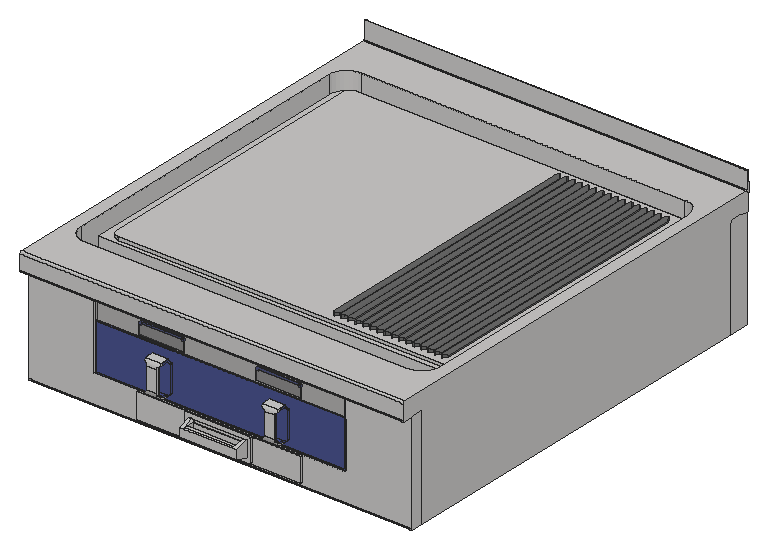
Revit family "QF_ELECTROLUXPROFESSIONAL_589107_MCHOABHOAO", category Specialty Equipment, Revit 2018
Family settings
  Round Connector Dimension = Use Diameter
  Part Type = Normal
  Work Plane-Based = No
  Always vertical = Yes
  Cut with Voids When Loaded = No
  Shared = No
  Room Calculation Point = No
Parameters
  Weight in Pounds = 264.6
  Watts = 15300 VA  # 15300 W
  Volts = 400 V  # constant formula
  URL Cutsheet = ""
  Type Mark [instance] = ""
  Status [instance] = ""
  Specification by User [instance] = ""
  Specification by Manufacturer = ""
  Show Clearance [instance] = yes
  Serial Number = ""
  Seismic Rating = ""
  SMACNA No = ""
  Revision Code [instance] = ""
  Phase = 3  # constant formula
  Omniclass Number and Title = ""
  Number of Poles [instance] = 1
  NAFEM Spec ID Number = ""
  Model = "589107"
  Min Ckt Ampacity = 0 A
  Max Overcurrent Protection = 0 A
  Masterspec = ""
  Manufacturer = "ELECTROLUX"
  Item Number [instance] = ""
  Installed By [instance] = ""
  Identify Quantity as Lot [instance] = yes
  HP = "20.5 HP"
  Furnished By [instance] = ""
  Foodservice Equipment Identifier [instance] = yes
  FL Amps [instance] = if(Phase = 3, Watts / (Volts * 1.73), Watts / Volts)  # 22.1098 A
  Electrical Remarks = "400 V/3N ph/50/60 Hz"  # constant formula
  Electric Connection Type [instance] = ""
  Elec Conn RI Height [instance] = 0 mm
  Elec Conn Connection Height [instance] = 0 mm
  Direct Waste Size = 0"
  Description = "EL.FRYTOP,MIXED PL,1S,BSPL,800X900X250H"
  Cycle [instance] = if([60 Hertz Option], 60 Hz, 50 Hz)  # 60 Hz
  Conn Plug = ""
  Conn Conduit = yes
  CSI MasterFormat = ""
  CSI Master Format = ""
  Apparent Power [instance] = if(Phase = 3, Volts * FL Amps * 1.73, Volts * FL Amps)  # 15300 VA
  60 Hertz Option [instance] = not([50 Hertz Option])  # yes
  50 Hertz Option [instance] = no
Reference planes
  plane 1 "BACK": y = 0
  plane 2: z = 0
  plane 3 "LEFT": x = 0
  plane 4 "RIGHT": x = 800
  plane 5 "FRONT": y = -900
  plane 6 "TOP": z = 250
  plane 7: x = 400
  plane 8: y = -450
  plane 9: y = -1330
Forms (mm)
  Extrusion 1, solid, material "QF_Finishes_Stainless Steel"
    sketch origin (0, -487.128, 0) x (0, 1, 0) y (0, 0, 1)
      loop
        line (483.128, 250) -> (-408.872, 250)
        arc (-408.872, 250) -> (-411.7, 248.828) -> (-412.872, 246) r 4
        line (-412.872, 246) -> (-412.872, 214)
        arc (-412.872, 214) -> (-411.443, 210.936) -> (-408.177, 210.061) r 4
        line (-408.177, 210.061) -> (-391.509, 213) -> (-366.872, 213) -> (-366.872, 0) -> (441.128, 0) -> (441.128, 213) -> (465.765, 213) -> (482.433, 210.061)
        arc (482.433, 210.061) -> (485.699, 210.936) -> (487.128, 214) r 4
        line (487.128, 214) -> (487.128, 246)
        arc (487.128, 246) -> (485.956, 248.828) -> (483.128, 250) r 4
    from 0 to 800
  Extrusion 2, void
    sketch origin (653.786, 44.048, 250) x (1, 0, 0) y (0, -1, 0)
      loop
        line (-590.636, 133.048) -> (83.064, 133.048)
        arc (83.064, 133.048) -> (110.04, 144.222) -> (121.214, 171.198) r 38.15
        line (121.214, 171.198) -> (121.214, 816.572)
        arc (121.214, 816.572) -> (109.944, 843.779) -> (82.737, 855.048) r 38.476
        line (82.737, 855.048) -> (-591.786, 855.048)
        arc (-591.786, 855.048) -> (-617.949, 844.211) -> (-628.786, 818.048) r 37
        line (-628.786, 818.048) -> (-628.786, 171.198)
        arc (-628.786, 171.198) -> (-617.613, 144.222) -> (-590.636, 133.048) r 38.15
    from 0 to 37
  Extrusion 3, void
    sketch origin (1307.573, 92.096, 213) x (0, 1, 0) y (1, 0, 0)
      loop
        line (-821.846, -532.573) -> (-864.62, -532.573)
        arc (-864.62, -532.573) -> (-891.827, -543.842) -> (-903.096, -571.049) r 38.476
        line (-903.096, -571.049) -> (-903.096, -1245.573)
        arc (-903.096, -1245.573) -> (-892.259, -1271.736) -> (-866.096, -1282.573) r 37
        line (-866.096, -1282.573) -> (-821.846, -1282.573) -> (-821.846, -532.573)
    from 0 to 25.6
  Extrusion 4, void
    sketch origin (1612.573, 92.096, 187.4) x (-1, 0, 0) y (0, 1, 0)
      loop
        circle (1212.573, -862.096) r 22.248
    from 0 to 92
  Extrusion 5, solid, material "QF_Finishes_Stainless Steel"
    sketch origin (0, -854, 0) x (1, 0, 0) y (0, -1, 0)
      loop
        circle (755, -169) r 6.35
    from 0 to 3.2
  Extrusion 6, solid, material "QF_Door-Drawer Clearances", visible <- "Show Clearance", detail levels coarse
    sketch origin (437.203, -881.593, 8.62) x (0, 0, 1) y (-1, 0, 0)
      loop
        line (1.973, -134.295) -> (49.317, -134.295)
        arc (49.317, -134.295) -> (50.776, -133.691) -> (51.38, -132.232) r 2.063
        line (51.38, -132.232) -> (51.38, 206.852)
        arc (51.38, 206.852) -> (50.88, 208.549) -> (49.541, 209.705) r 3.133
        line (49.541, 209.705) -> (3.067, 209.705)
        arc (3.067, 209.705) -> (0.898, 208.807) -> (0, 206.638) r 3.067
        line (0, 206.638) -> (0, -132.322)
        arc (0, -132.322) -> (0.578, -133.717) -> (1.973, -134.295) r 1.973
    from 0 to 448.407
  Extrusion 7, solid, material "QF_Finishes_Stainless Steel"
    sketch origin (0, 0, 0) x (0, 1, 0) y (0, 0, 1)
      loop
        line (-2.951, 2) -> (-2.951, 210.133)
        arc (-2.951, 210.133) -> (-3.795, 210.009) -> (-4.646, 210.066) r 4
        line (-4.646, 210.066) -> (-21.287, 213) -> (-45, 213) -> (-45, 0) -> (-4.951, 0)
        arc (-4.951, 0) -> (-3.537, 0.586) -> (-2.951, 2) r 2
      loop
        arc (-1.951, 252.006) -> (-2.537, 250.592) -> (-3.951, 250.006) r 2
        arc (-3.951, 250.006) -> (-1.172, 248.828) -> (0, 246) r 4
        line (0, 246) -> (0, 288.006) -> (-1.951, 288.006) -> (-1.951, 252.006)
    from 800 to 0
Cuts and joins
  Extrusion 2, Extrusion 3, Extrusion 4 cuts Extrusion 1
Lines and regions (mm)
  symbolic lines
    curve 1: line (261.519, -902.326, 0) -> (261.519, -900, 0)
    curve 2: spline (267.188, -903.73, 0) -> (266.709, -903.657, 0) -> (266.231, -903.575, 0) -> (265.754, -903.486, 0) -> (265.278, -903.389, 0) -> (264.804, -903.283, 0) -> (264.33, -903.17, 0) -> (263.858, -903.049, 0) -> (263.387, -902.92, 0) -> (262.918, -902.783, 0) -> (262.45, -902.638, 0) -> (261.984, -902.486, 0) -> (261.519, -902.326, 0)
    curve 3: line (293.735, -902.326, 0) -> (293.735, -900, 0)
    curve 4: spline (293.735, -902.326, 0) -> (293.27, -902.486, 0) -> (292.804, -902.638, 0) -> (292.337, -902.783, 0) -> (291.867, -902.92, 0) -> (291.396, -903.049, 0) -> (290.924, -903.17, 0) -> (290.451, -903.283, 0) -> (289.976, -903.389, 0) -> (289.5, -903.486, 0) -> (289.023, -903.575, 0) -> (288.545, -903.657, 0) -> (288.066, -903.73, 0)
    curve 5: line (267.188, -903.73, 0) -> (288.066, -903.73, 0)
    curve 6: line (538.481, -902.326, 0) -> (538.481, -900, 0)
    curve 7: spline (532.812, -903.73, 0) -> (533.291, -903.657, 0) -> (533.769, -903.575, 0) -> (534.246, -903.486, 0) -> (534.722, -903.389, 0) -> (535.196, -903.283, 0) -> (535.67, -903.17, 0) -> (536.142, -903.049, 0) -> (536.613, -902.92, 0) -> (537.082, -902.783, 0) -> (537.55, -902.638, 0) -> (538.016, -902.486, 0) -> (538.481, -902.326, 0)
    curve 8: line (506.265, -902.326, 0) -> (506.265, -900, 0)
    curve 9: spline (506.265, -902.326, 0) -> (506.73, -902.486, 0) -> (507.196, -902.638, 0) -> (507.663, -902.783, 0) -> (508.133, -902.92, 0) -> (508.604, -903.049, 0) -> (509.076, -903.17, 0) -> (509.549, -903.283, 0) -> (510.024, -903.389, 0) -> (510.5, -903.486, 0) -> (510.977, -903.575, 0) -> (511.455, -903.657, 0) -> (511.934, -903.73, 0)
    curve 10: line (532.812, -903.73, 0) -> (511.934, -903.73, 0)
    curve 11: line (25, -774, 0) -> (25, -127.15, 0)
    curve 12: arc (25, -127.15, 0) -> (36.174, -100.174, 0) -> (63.15, -89, 0) r 38.15
    curve 13: line (63.15, -89, 0) -> (736.85, -89, 0)
    curve 14: arc (736.85, -89, 0) -> (763.826, -100.174, 0) -> (775, -127.15, 0) r 38.15
    curve 15: line (775, -127.15, 0) -> (775, -772.524, 0)
    curve 16: arc (775, -772.524, 0) -> (763.731, -799.731, 0) -> (736.524, -811, 0) r 38.476
    curve 17: line (736.524, -811, 0) -> (62, -811, 0)
    curve 18: arc (62, -811, 0) -> (35.837, -800.163, 0) -> (25, -774, 0) r 37
    curve 19: line (775, -729.75, 0) -> (25, -729.75, 0)
    curve 20: circle (400, -770, 0) r 22.248 normal (0, 0, -1)
    curve 21: line (0, 0, 0) -> (800, 0, 0)
    curve 22: line (0, -900, 0) -> (0, 0, 0)
    curve 23: line (800, -900, 0) -> (0, -900, 0)
    curve 24: line (800, 0, 0) -> (800, -900, 0)
    curve 25: line (347.608, -908.767, 0) -> (450.042, -908.767, 0)
    curve 26: line (450.042, -908.767, 0) -> (451.588, -900, 0)
    curve 27: line (347.608, -908.767, 0) -> (346.062, -900, 0)
    curve 31: line (0, -1.951, 0) -> (800, -1.951, 0)
  symbolic lines, style "QF_Door-Drawer Clearances"
    curve 28: line (227.498, -1330, 0) -> (227.498, -900, 0)
    curve 29: line (227.498, -1330, 0) -> (571.498, -1330, 0)
    curve 30: line (571.498, -1330, 0) -> (571.498, -900, 0)
Dimensions and locks
  plane 3 "LEFT" to plane 4 "RIGHT" = 800 mm
  plane 5 "FRONT" to plane 1 "BACK" = 900 mm
  equal spacing: plane 3 "LEFT", plane 7, plane 4 "RIGHT"
  equal spacing: plane 5 "FRONT", plane 8, plane 1 "BACK"
  plane 6 "TOP" to level = 250 mm  (x2)
  plane 1 "BACK" to plane 5 "FRONT" = 900 mm
  Extrusion 5 sketch curve to plane 1 "BACK" = 685 mm
  Extrusion 5 sketch curve to plane 4 "RIGHT" = 45 mm
  plane 5 "FRONT" to plane 9 = 430 mm
  plane 1 "BACK" to Extrusion 5 = 685 mm
  aligned and locked: level to plane 2
  aligned and locked: Extrusion 6 to plane 9
  aligned and locked: cut or joined group of Extrusion 1, Extrusion 2, Extrusion 3, Extrusion 4 to plane 4 "RIGHT"
  aligned and locked: plane 7 to nested 1
  aligned and locked: plane 7 to nested 2
Automatic sketch dimensions
  Extrusion 1 to Extrusion 2 sketch curve = 85 mm  (x2)
  Extrusion 1 to Extrusion 2 sketch curve = 122 mm
  Extrusion 1 to Extrusion 2 sketch curve = 25 mm
  Extrusion 2 sketch curve to Extrusion 2 sketch curve = 38.15 mm  (x2)
  Extrusion 1 to Extrusion 2 sketch curve = 123.476 mm
  Extrusion 2 sketch curve to Extrusion 2 sketch curve = 674.524 mm
  Extrusion 1 sketch curve to plane 5 "FRONT" = 0 mm
  Extrusion 1 sketch curve to plane 6 "TOP" = 0 mm
  Extrusion 1 sketch curve to level = 0 mm
  Extrusion 1 sketch curve to plane 1 "BACK" = 0 mm
  Extrusion 1 sketch curve to plane 6 "TOP" = 37 mm  (x2)
  Extrusion 1 sketch curve to plane 5 "FRONT" = 4 mm
  Extrusion 1 sketch curve to plane 5 "FRONT" = 21.363 mm
  Extrusion 1 sketch curve to plane 5 "FRONT" = 46 mm
  plane 1 "BACK" to Extrusion 1 sketch curve = 21.363 mm
  plane 1 "BACK" to Extrusion 1 sketch curve = 4 mm  (x2)
  Extrusion 1 sketch curve to Extrusion 1 sketch curve = 4 mm
  Extrusion 1 sketch curve to Extrusion 1 sketch curve = 0.695 mm
  Extrusion 1 sketch curve to Extrusion 1 sketch curve = 0 mm  (x4)
  plane 1 "BACK" to Extrusion 1 sketch curve = 4.695 mm
  Extrusion 1 sketch curve to Extrusion 1 sketch curve = 1 mm  (x2)
  plane 1 "BACK" to Extrusion 1 sketch curve = 46 mm
  Extrusion 3 sketch curve to Extrusion 2 = 81.25 mm
  Extrusion 2 to Extrusion 3 sketch curve = 0 mm  (x2)
  Extrusion 3 sketch curve to Extrusion 3 sketch curve = 37 mm
  Extrusion 3 sketch curve to Extrusion 3 sketch curve = 674.524 mm
  Extrusion 3 sketch curve to Extrusion 2 = 38.476 mm
  Extrusion 4 sketch curve to Extrusion 3 = 41 mm
  Extrusion 4 sketch curve to Extrusion 3 = 375 mm
  plane 1 "BACK" to curve 21 = 0 mm
  curve 21 to plane 4 "RIGHT" = 0 mm
  curve 28 to plane 9 = 0 mm
  curve 22 to plane 3 "LEFT" = 0 mm
  plane 5 "FRONT" to curve 30 = 0 mm
  plane 4 "RIGHT" to curve 15 = 25 mm
  curve 15 to curve 13 = 38.15 mm
  curve 16 to curve 17 = 38.476 mm
  plane 5 "FRONT" to curve 6 = 2.326 mm
  plane 7 to curve 6 = 138.481 mm
  plane 5 "FRONT" to curve 10 = 3.73 mm
  curve 7 to curve 10 = 5.669 mm
  plane 5 "FRONT" to curve 26 = 8.767 mm
  curve 7 to curve 26 = 82.77 mm
  curve 10 to curve 25 = 61.891 mm
  plane 5 "FRONT" to curve 8 = 2.326 mm
  curve 10 to curve 8 = 5.669 mm
  plane 5 "FRONT" to curve 3 = 2.326 mm
  curve 3 to plane 7 = 106.265 mm
  plane 5 "FRONT" to curve 5 = 3.73 mm
  curve 3 to curve 5 = 5.669 mm
  curve 27 to curve 5 = 59.542 mm
  curve 25 to curve 5 = 80.42 mm
  plane 5 "FRONT" to curve 1 = 2.326 mm
  curve 2 to curve 1 = 5.669 mm
  plane 3 "LEFT" to curve 13 = 63.15 mm
  plane 3 "LEFT" to curve 17 = 62 mm
  plane 3 "LEFT" to curve 28 = 227.498 mm
  plane 3 "LEFT" to curve 11 = 25 mm
  plane 4 "RIGHT" to curve 30 = 228.502 mm
  curve 6 to curve 7 = 9.839 mm
  curve 7 to curve 9 = 12.538 mm
  curve 9 to curve 26 = 64.516 mm
  plane 5 "FRONT" to curve 4 = 4.032 mm
  curve 5 to curve 4 = 4.17 mm
  curve 27 to curve 4 = 62.166 mm
  curve 4 to curve 2 = 12.538 mm
  curve 20 to curve 18 = 338 mm
  plane 1 "BACK" to curve 13 = 89 mm
  curve 15 to plane 5 "FRONT" = 127.476 mm
  curve 19 to curve 18 = 44.25 mm
  curve 20 to curve 18 = 4 mm
  curve 7 to plane 5 "FRONT" = 39.101 mm
  curve 9 to curve 7 = 0 mm
  curve 2 to curve 4 = 0 mm
  level to Extrusion 6 sketch curve = 8.62 mm
  level to Extrusion 6 sketch curve = 57.937 mm
  plane 7 to Extrusion 6 sketch curve = 171.498 mm
  Extrusion 6 sketch curve to Extrusion 6 sketch curve = 1.973 mm
  Extrusion 6 sketch curve to Extrusion 6 sketch curve = 3.067 mm
  Extrusion 6 sketch curve to Extrusion 6 sketch curve = 46.474 mm
  Extrusion 6 sketch curve to Extrusion 6 sketch curve = 2.063 mm
  Extrusion 6 sketch curve to Extrusion 6 sketch curve = 3.133 mm
  Extrusion 6 sketch curve to plane 7 = 169.435 mm
  Extrusion 7 sketch curve to level = 0 mm
  Extrusion 7 sketch curve to plane 1 "BACK" = 0 mm  (x2)
  level to Extrusion 7 sketch curve = 2 mm
  Extrusion 7 sketch curve to plane 6 "TOP" = 0 mm
  plane 1 "BACK" to Extrusion 7 sketch curve = 1.951 mm
  plane 1 "BACK" to Extrusion 7 sketch curve = 2.951 mm
  Extrusion 7 sketch curve to Extrusion 7 sketch curve = 18.335 mm
  Extrusion 7 sketch curve to Extrusion 7 sketch curve = 40.049 mm
  Extrusion 7 sketch curve to Extrusion 7 sketch curve = 1.695 mm
  Extrusion 7 sketch curve to Extrusion 7 sketch curve = 0 mm  (x3)
  plane 1 "BACK" to Extrusion 7 sketch curve = 4 mm
  plane 1 "BACK" to Extrusion 7 sketch curve = 3.951 mm
  Extrusion 7 sketch curve to Extrusion 7 sketch curve = 2 mm
  Extrusion 7 sketch curve to Extrusion 7 sketch curve = 35.867 mm
  Extrusion 7 sketch curve to plane 6 "TOP" = 37 mm
  plane 6 "TOP" to Extrusion 7 sketch curve = 2.006 mm
  Extrusion 7 sketch curve to Extrusion 7 sketch curve = 36 mm
  Extrusion 7 sketch curve to Extrusion 7 sketch curve = 0.066 mm
  radius of Extrusion 4 sketch curve = 22.248 mm
  radius of Extrusion 5 sketch curve = 6.35 mm
  radius of curve 20 = 22.248 mm
Nested families
  nested 1: "EG_900_800 Front Panel with Center Grease Trap" at (402.376, -854, -650), type "EG_900_800 Front Panel with Center Grease Trap"
    with Width 800 mm
  nested 2: "EG_900_800 mm Half Grate" at (400, -409.375, -675), type "EG_900_800 mm Half Grate"
Connectors
  electrical at (755, -685, -3.2), driven by "Volts", driven by "Watts"
    settings: on Extrusion 5, index 1, voltage 400 V, apparent load 15300 VA, apparent load phase1 0 VA, apparent load phase2 0 VA, apparent load phase3 0 VA, power factor 1, load classification "Other", number of poles 1, system type 30, power factor state 1, is connector primary yes, connector utility no, sub classification motor no, connector description "ELECTRICAL CONNECTION"
Definition of nested family "EG_900_800 Front Panel with Center Grease Trap"
  Parameters
    Width [instance] = 800 mm
  Reference planes
    plane 1 "Center (Front/Back)": y = 0
    plane 2: z = 0
    plane 3 "Center (Left/Right)": x = -2.376
    plane 4: x = -402.376
    plane 5: x = 397.624
  Forms (mm)
    Extrusion 1, solid
      sketch origin (833.217, 829.203, -1.25) x (0, 1, 0) y (0, 0, 1)
        loop
          arc (-854.203, 654.25) -> (-853.324, 652.129) -> (-851.203, 651.25) r 3
          line (-851.203, 651.25) -> (-829.203, 651.25) -> (-829.203, 864.25) -> (-854.203, 864.25) -> (-854.203, 654.25)
      from -1235.593 to -435.593
    Extrusion 2, void
      sketch origin (33.217, 829.203, -1.25) x (1, 0, 0) y (0, 0, 1)
        loop
          line (-298.093, 855.116) -> (-298.093, 713.116) -> (226.907, 713.116) -> (226.907, 855.116) -> (-298.093, 855.116)
      from 848.59 to 854.203
  Cuts and joins
    Extrusion 2 cuts Extrusion 1
  Dimensions and locks
    equal spacing: plane 5, plane 3 "Center (Left/Right)", plane 4
    "Width": plane 5 to plane 4
    aligned and locked: cut or joined group of Extrusion 1, Extrusion 2 to plane 4
    aligned and locked: plane 5 to cut or joined group of Extrusion 1, Extrusion 2
    aligned and locked: plane 3 "Center (Left/Right)" to nested 2
    aligned and locked: cut or joined group of Extrusion 1, Extrusion 2 to nested 2
  Automatic sketch dimensions
    Extrusion 1 sketch curve to plane 1 "Center (Front/Back)" = 0 mm
    plane 1 "Center (Front/Back)" to Extrusion 1 sketch curve = 22 mm
    Extrusion 1 sketch curve to Extrusion 1 sketch curve = 3 mm
    level to Extrusion 1 sketch curve = 650 mm
    Extrusion 1 sketch curve to Extrusion 1 sketch curve = 210 mm
    plane 4 to Extrusion 2 sketch curve = 137.5 mm
    Extrusion 2 sketch curve to plane 5 = 137.5 mm
    level to Extrusion 2 sketch curve = 711.866 mm
    Extrusion 2 sketch curve to Extrusion 2 sketch curve = 142 mm
  Nested families
    nested 1: "Range Control Handle" at (-124.522, -28.137, -209.113) x (-1, 0, 0) z (0, 0, 1), type "Range Control Handle"
    nested 2: "800 Panel - Glass conrol panel" at (-30.376, 280.644, 2.752), type "800 Panel - Glass conrol panel"
      with Width 525 mm
    nested 3: "800 Panel - Grease trap door" at (65.223, -25, 0.608) x (-1, 0, 0) z (0, 0, 1), type "800 Panel - Grease trap door"
    nested 4: "Range Control Handle" at (119.771, -28.137, -209.113), type "Range Control Handle"
  Definition of nested family "Range Control Handle"
    Reference planes
      plane 1 "Center (Front/Back)": y = 0
      plane 2: z = 0
      plane 3 "Center (Left/Right)": x = 0
      plane 4: z = 971.092
    Forms (mm)
      Extrusion 1, solid
        sketch origin (-746.28, 380.497, 208.931) x (-1, 0, 0) y (0, 0, 1)
          loop
            line (-770.101, 786.798) -> (-770.101, 731.649)
            arc (-770.101, 731.649) -> (-769.759, 730.563) -> (-768.855, 729.87) r 1.893
            line (-768.855, 729.87) -> (-763.474, 727.911) -> (-729.81, 727.911) -> (-724.428, 729.87)
            arc (-724.428, 729.87) -> (-723.525, 730.563) -> (-723.183, 731.649) r 1.893
            line (-723.183, 731.649) -> (-723.183, 786.798)
            arc (-723.183, 786.798) -> (-723.529, 787.894) -> (-724.44, 788.593) r 1.91
            line (-724.44, 788.593) -> (-729.683, 790.819) -> (-763.601, 790.819) -> (-768.844, 788.593)
            arc (-768.844, 788.593) -> (-769.755, 787.894) -> (-770.101, 786.798) r 1.91
        from -382.35 to -378.852
      Sweep 2, solid
        path origin (-746.788, 380.496, 208.091) x (0, -1, 0) y (0, 0, 1)
          loop
            line (379.775, 793.281) -> (395.661, 791.048)
            arc (395.661, 791.048) -> (397.781, 787.377) -> (398.517, 783.202) r 12.207
            line (398.517, 783.202) -> (398.517, 737.368)
            arc (398.517, 737.368) -> (397.781, 733.193) -> (395.661, 729.522) r 12.207
            line (395.661, 729.522) -> (379.775, 727.289)
        profile origin (-746.788, -7.222, 1000.256) x (0, -0.139173, 0.990268) y (-1, 0, 0)
          loop
            line (0.782, -763.123) -> (0.782, -730.907) -> (-1.322, -730.907) -> (-1.322, -763.123) -> (0.782, -763.123)
      Sweep 3, solid
        path origin (-746.788, 380.715, 207.832) x (0, -1, 0) y (0, 0, 1)
          loop
            line (380.478, 795.442) -> (397.218, 793.09)
            arc (397.218, 793.09) -> (399.929, 788.473) -> (400.871, 783.202) r 15.207
            line (400.871, 783.202) -> (400.871, 737.584)
            arc (400.871, 737.584) -> (399.914, 732.274) -> (397.164, 727.633) r 15.207
            line (397.164, 727.633) -> (380.601, 725.305)
        profile origin (-746.788, -8.132, 1002.099) x (0, -0.139173, 0.990268) y (-1, 0, 0)
          loop
            line (0.782, -763.123) -> (0.782, -730.907) -> (-1.322, -730.907) -> (-1.322, -763.123) -> (0.782, -763.123)
      Extrusion 4, void
        sketch origin (889.253, 220.666, 207.993) x (1, 0, 0) y (0, 0, 1)
          loop
            line (-943.038, 816.854) -> (-943.038, 703.686) -> (-899.466, 734.196) -> (-899.466, 786.344) -> (-943.038, 816.854)
        from 230.636 to 242.25
      Extrusion 5, void
        sketch origin (-888.8, 220.666, 207.993) x (-1, 0, 0) y (0, 0, -1)
          loop
            line (-943.038, -816.854) -> (-899.466, -786.344) -> (-899.466, -734.196) -> (-943.038, -703.686) -> (-943.038, -816.854)
        from 230.636 to 242.25
      Extrusion 6, solid
        sketch origin (0, 0, 0) x (1, 0, 0) y (0, 0, 1)
          loop
            circle (0, 971.092) r 7.736
        from -3.137 to -1.645
    Cuts and joins
      Extrusion 4, Extrusion 5 cuts Sweep 3
      Extrusion 4, Extrusion 5 cuts Sweep 2
      joined: Extrusion 1, Extrusion 6
    Lines and regions (mm)
      symbolic lines
        curve 1: line (23.821, 1.645, 0) -> (-23.097, 1.645, 0)
        curve 2: line (16.334, -1.853, 0) -> (23.821, -1.853, 0)
        curve 3: line (-15.881, -19.189, 0) -> (-15.881, -1.853, 0)
        curve 4: line (-23.097, -1.853, 0) -> (-15.881, -1.853, 0)
        curve 5: line (16.334, -19.189, 0) -> (16.334, -1.853, 0)
        curve 6: spline (-15.881, -19.189, 0) -> (-15.417, -19.349, 0) -> (-14.951, -19.501, 0) -> (-14.483, -19.646, 0) -> (-14.014, -19.783, 0) -> (-13.543, -19.912, 0) -> (-13.071, -20.033, 0) -> (-12.597, -20.146, 0) -> (-12.122, -20.251, 0) -> (-11.646, -20.349, 0) -> (-11.169, -20.438, 0) -> (-10.691, -20.52, 0) -> (-10.213, -20.593, 0)
        curve 7: spline (10.666, -20.593, 0) -> (11.144, -20.52, 0) -> (11.622, -20.438, 0) -> (12.099, -20.349, 0) -> (12.575, -20.251, 0) -> (13.05, -20.146, 0) -> (13.524, -20.033, 0) -> (13.996, -19.912, 0) -> (14.467, -19.783, 0) -> (14.936, -19.646, 0) -> (15.404, -19.501, 0) -> (15.87, -19.349, 0) -> (16.334, -19.189, 0)
        curve 8: line (-10.213, -20.938, 0) -> (10.716, -20.938, 0)
        curve 9: line (-23.097, 1.645, 0) -> (-23.097, -1.853, 0)
        curve 10: line (23.821, 1.645, 0) -> (23.821, -1.853, 0)
  Definition of nested family "800 Panel - Glass conrol panel"
    Parameters
      Width [instance] = 525 mm
    Reference planes
      plane 1 "Center (Front/Back)": y = 0
      plane 2: z = 0
      plane 3 "Center (Left/Right)": x = 28
      plane 4: x = -234.5
      plane 5: x = 290.5
    Forms (mm)
      Extrusion 1, solid
        sketch origin (378.286, 0, 0.617) x (1, 0, 0) y (0, 0, 1)
          loop
            line (-612.786, 806.791) -> (-612.786, 708.497) -> (-87.786, 708.497) -> (-87.786, 806.791) -> (-612.786, 806.791)
        from 300.031 to 304.8
      Extrusion 2, solid
        sketch origin (378.286, 0, 0.617) x (1, 0, 0) y (0, 0, 1)
          loop
            line (-612.786, 850.497) -> (-612.786, 806.791) -> (-87.786, 806.791) -> (-87.786, 850.497) -> (-612.786, 850.497)
        from 300.031 to 304.8
      Extrusion 3, void
        sketch origin (378.286, 0, 0.617) x (1, 0, 0) y (0, 0, 1)
          loop
            line (-610.128, 847.565) -> (-610.128, 710.699) -> (-90.696, 710.699) -> (-90.696, 847.565) -> (-610.128, 847.565)
        from 303.697 to 304.8
      Extrusion 4, solid
        sketch origin (-430.455, 1.101, -0.633) x (-1, 0, 0) y (0, 0, -1)
          loop
            line (-289.431, -812.62) -> (-383.186, -812.62) -> (-383.186, -834.177) -> (-378.269, -834.177) -> (-376.469, -835.977) -> (-296.039, -835.977) -> (-294.24, -834.177) -> (-289.431, -834.177) -> (-289.431, -812.62)
        from 304.798 to 306.745
      Extrusion 5, solid
        sketch origin (-430.455, 1.101, -0.633) x (-1, 0, 0) y (0, 0, -1)
          loop
            line (-378.269, -834.177) -> (-383.078, -834.177)
            arc (-383.078, -834.177) -> (-381.942, -838.747) -> (-377.686, -840.763) r 5.5
            line (-377.686, -840.763) -> (-294.98, -840.763)
            arc (-294.98, -840.763) -> (-290.706, -838.752) -> (-289.529, -834.177) r 5.549
            line (-289.529, -834.177) -> (-294.24, -834.177) -> (-296.039, -835.977) -> (-376.469, -835.977) -> (-378.269, -834.177)
        from 304.798 to 306.745
      Extrusion 6, solid
        sketch origin (486.455, 1.101, -0.633) x (1, 0, 0) y (0, 0, 1)
          loop
            line (-289.431, 812.62) -> (-289.431, 834.177) -> (-294.24, 834.177) -> (-296.039, 835.977) -> (-376.469, 835.977) -> (-378.269, 834.177) -> (-383.186, 834.177) -> (-383.186, 812.62) -> (-289.431, 812.62)
        from 304.798 to 306.745
      Extrusion 7, solid
        sketch origin (486.455, 1.101, -0.633) x (1, 0, 0) y (0, 0, 1)
          loop
            line (-378.269, 834.177) -> (-376.469, 835.977) -> (-296.039, 835.977) -> (-294.24, 834.177) -> (-289.529, 834.177)
            arc (-289.529, 834.177) -> (-290.706, 838.752) -> (-294.98, 840.763) r 5.549
            line (-294.98, 840.763) -> (-377.686, 840.763)
            arc (-377.686, 840.763) -> (-381.942, 838.747) -> (-383.078, 834.177) r 5.5
            line (-383.078, 834.177) -> (-378.269, 834.177)
        from 304.798 to 306.745
    Cuts and joins
      Extrusion 3 cuts Extrusion 1
      Extrusion 3 cuts Extrusion 2
    Dimensions and locks
      "Width": plane 5 to plane 4
      equal spacing: plane 5, plane 3 "Center (Left/Right)", plane 4
      aligned and locked: Extrusion 1 to Extrusion 2
      aligned and locked: Extrusion 5 to Extrusion 4
      aligned and locked: plane 5 to cut or joined group of Extrusion 1, Extrusion 3
      aligned and locked: plane 5 to cut or joined group of Extrusion 2, Extrusion 3
      aligned and locked: cut or joined group of Extrusion 1, Extrusion 3 to plane 4
      aligned and locked: cut or joined group of Extrusion 2, Extrusion 3 to plane 4
      aligned and locked: Extrusion 7 to Extrusion 6
    Automatic sketch dimensions
      Extrusion 1 sketch curve to plane 4 = 0 mm
      Extrusion 1 sketch curve to plane 5 = 0 mm
      level to Extrusion 1 sketch curve = 709.114 mm
      Extrusion 1 sketch curve to Extrusion 1 sketch curve = 98.294 mm
      Extrusion 2 sketch curve to plane 4 = 0 mm
      Extrusion 2 sketch curve to plane 5 = 0 mm
      level to Extrusion 2 sketch curve = 807.408 mm
      Extrusion 2 sketch curve to Extrusion 2 sketch curve = 43.706 mm
      plane 4 to Extrusion 3 sketch curve = 2.658 mm
      level to Extrusion 3 sketch curve = 711.316 mm
      Extrusion 3 sketch curve to plane 5 = 2.909 mm
      Extrusion 3 sketch curve to Extrusion 3 sketch curve = 136.866 mm
      Extrusion 4 sketch curve to plane 3 "Center (Left/Right)" = 75.269 mm
      plane 4 to Extrusion 4 sketch curve = 100.084 mm
      level to Extrusion 4 sketch curve = 835.343 mm
      Extrusion 4 sketch curve to Extrusion 4 sketch curve = 4.917 mm
      Extrusion 4 sketch curve to Extrusion 4 sketch curve = 1.8 mm  (x4)
      Extrusion 4 sketch curve to Extrusion 4 sketch curve = 4.809 mm
      Extrusion 4 sketch curve to Extrusion 4 sketch curve = 21.557 mm
      Extrusion 5 sketch curve to plane 3 "Center (Left/Right)" = 75.377 mm
      Extrusion 5 sketch curve to plane 3 "Center (Left/Right)" = 80.769 mm
      level to Extrusion 5 sketch curve = 840.129 mm
      Extrusion 5 sketch curve to Extrusion 5 sketch curve = 0.583 mm
      Extrusion 5 sketch curve to Extrusion 5 sketch curve = 1.217 mm
      Extrusion 5 sketch curve to Extrusion 5 sketch curve = 80.43 mm
      Extrusion 5 sketch curve to Extrusion 5 sketch curve = 1.059 mm
      Extrusion 5 sketch curve to Extrusion 5 sketch curve = 0.741 mm
      Extrusion 5 sketch curve to Extrusion 5 sketch curve = 4.711 mm
      Extrusion 5 sketch curve to Extrusion 5 sketch curve = 4.786 mm
      Extrusion 5 sketch curve to Extrusion 5 sketch curve = 1.8 mm  (x2)
      plane 3 "Center (Left/Right)" to Extrusion 6 sketch curve = 75.269 mm
      level to Extrusion 6 sketch curve = 811.987 mm
      Extrusion 6 sketch curve to Extrusion 6 sketch curve = 4.917 mm
      Extrusion 6 sketch curve to Extrusion 6 sketch curve = 1.8 mm  (x3)
      Extrusion 6 sketch curve to Extrusion 6 sketch curve = 80.43 mm
      Extrusion 6 sketch curve to Extrusion 6 sketch curve = 4.809 mm
      Extrusion 6 sketch curve to Extrusion 6 sketch curve = 21.557 mm  (x2)
      plane 3 "Center (Left/Right)" to Extrusion 7 sketch curve = 75.377 mm
      plane 3 "Center (Left/Right)" to Extrusion 7 sketch curve = 80.186 mm
      level to Extrusion 7 sketch curve = 833.543 mm
      Extrusion 7 sketch curve to Extrusion 7 sketch curve = 0.583 mm
      Extrusion 7 sketch curve to Extrusion 7 sketch curve = 1.217 mm
      Extrusion 7 sketch curve to Extrusion 7 sketch curve = 80.43 mm
      Extrusion 7 sketch curve to Extrusion 7 sketch curve = 1.059 mm
      Extrusion 7 sketch curve to Extrusion 7 sketch curve = 0.741 mm
      Extrusion 7 sketch curve to Extrusion 7 sketch curve = 4.711 mm
      Extrusion 7 sketch curve to Extrusion 7 sketch curve = 0 mm
      Extrusion 7 sketch curve to Extrusion 7 sketch curve = 1.8 mm
      Extrusion 7 sketch curve to Extrusion 7 sketch curve = 4.786 mm
  Definition of nested family "800 Panel - Grease trap door"
    Reference planes
      plane 1 "Center (Front/Back)": y = 0
      plane 2: z = 0
      plane 3 "Center (Left/Right)": x = 0
    Forms (mm)
      Extrusion 1, solid
        sketch origin (1627.55, 854.203, -1.25) x (1, 0, 0) y (0, 0, 1)
          loop
            arc (-1627.55, 661.235) -> (-1626.972, 659.84) -> (-1625.577, 659.262) r 1.973
            line (-1625.577, 659.262) -> (-1494.325, 659.262)
            arc (-1494.325, 659.262) -> (-1492.156, 660.16) -> (-1491.258, 662.329) r 3.067
            line (-1491.258, 662.329) -> (-1491.258, 708.803)
            arc (-1491.258, 708.803) -> (-1492.414, 710.143) -> (-1494.111, 710.642) r 3.133
            line (-1494.111, 710.642) -> (-1625.486, 710.642)
            arc (-1625.486, 710.642) -> (-1626.945, 710.038) -> (-1627.55, 708.579) r 2.063
            line (-1627.55, 708.579) -> (-1627.55, 661.235)
        from 856.795 to 859.203
      Extrusion 2, solid
        sketch origin (445.874, 2476.61, 0) x (0, 1, 0) y (0, 0, 1)
          loop
            line (-2506.377, 675.273) -> (-2481.61, 667.505) -> (-2481.61, 700.995) -> (-2506.377, 693.227) -> (-2506.377, 675.273)
        from -437.68 to -317.68
      Extrusion 3, void
        sketch origin (1627.55, 854.203, -1.25) x (1, 0, 0) y (0, 0, 1)
          loop
            line (-1614.883, 703) -> (-1610.542, 695.433) -> (-1508.17, 695.433) -> (-1503.828, 703) -> (-1614.883, 703)
          loop
            line (-1614.883, 668) -> (-1502.669, 668) -> (-1507.01, 675.567) -> (-1610.542, 675.567) -> (-1614.883, 668)
        from 832.916 to 883.97
      Extrusion 4, void
        sketch origin (447.55, 854.203, -1.25) x (1, 0, 0) y (0, 0, 1)
          loop
            line (-430.542, 695.433) -> (-430.542, 675.567) -> (-328.17, 675.567) -> (-328.17, 695.433) -> (-430.542, 695.433)
        from 859.203 to 874.202
      Extrusion 5, solid
        sketch origin (1627.55, 854.203, -1.25) x (1, 0, 0) y (0, 0, 1)
          loop
            line (-1390.516, 710.642) -> (-1729.386, 710.642)
            arc (-1729.386, 710.642) -> (-1730.845, 710.038) -> (-1731.449, 708.579) r 2.063
            line (-1731.449, 708.579) -> (-1731.449, 661.235)
            arc (-1731.449, 661.235) -> (-1730.871, 659.84) -> (-1729.476, 659.262) r 1.973
            line (-1729.476, 659.262) -> (-1390.516, 659.262)
            arc (-1390.516, 659.262) -> (-1388.347, 660.16) -> (-1387.449, 662.329) r 3.067
            line (-1387.449, 662.329) -> (-1387.449, 707.485)
            arc (-1387.449, 707.485) -> (-1388.347, 709.653) -> (-1390.516, 710.552) r 3.067
        from 854.203 to 856.795
    Cuts and joins
      Extrusion 3 cuts Extrusion 1
      Extrusion 3, Extrusion 4 cuts Extrusion 2
      joined: Extrusion 1, Extrusion 2
    Lines and regions (mm)
      symbolic lines
        curve 1: line (0, -2.593, 0) -> (136.292, -2.593, 0)
        curve 2: line (17.557, -29.767, 0) -> (12.667, -2.593, 0)
        curve 3: line (17.557, -29.767, 0) -> (119.991, -29.767, 0)
        curve 4: line (119.991, -29.767, 0) -> (124.881, -2.593, 0)
        curve 5: line (68.146, -2.593, 0) -> (68.146, -29.767, 0)
      model lines
        curve 6: line (67.599, 0, 658.012) -> (67.599, 0, 709.392)
    Dimensions and locks
      aligned and locked: Extrusion 2 to Extrusion 1
      aligned and locked: Extrusion 3 to Extrusion 2
      aligned and locked: Extrusion 4 to Extrusion 1
Definition of nested family "EG_900_800 mm Half Grate"
  Parameters
    Length = 662 mm
    Array = Length / 15 mm  # 44
  Reference planes
    plane 1 "Center (Front/Back)": y = 0
    plane 2: z = 0
    plane 3 "Center (Left/Right)": x = 0
    plane 4: x = -355
    plane 5: x = 355
    plane 6: z = 900
    plane 7: z = 888
    plane 8: x = -331
    plane 9: x = 331
  Forms (mm)
    Extrusion 1, solid
      sketch origin (453.786, 467.26, 0) x (1, 0, 0) y (0, 1, 0)
        loop
          line (-808.786, -175.198) -> (-808.786, -760.472)
          arc (-808.786, -760.472) -> (-803.807, -772.493) -> (-791.786, -777.472) r 17
          line (-791.786, -777.472) -> (-116.936, -777.472)
          arc (-116.936, -777.472) -> (-104.102, -772.156) -> (-98.786, -759.322) r 18.15
          line (-98.786, -759.322) -> (-98.786, -175.198)
          arc (-98.786, -175.198) -> (-104.102, -162.364) -> (-116.936, -157.048) r 18.15
          line (-116.936, -157.048) -> (-790.636, -157.048)
          arc (-790.636, -157.048) -> (-803.47, -162.364) -> (-808.786, -175.198) r 18.15
      from 888 to 894.474
  Lines and regions (mm)
    symbolic lines
      curve 1: line (324.5, -295.767, 0) -> (318, -286.484, 0)
      curve 2: line (331, -286.484, 0) -> (324.5, -295.767, 0)
      curve 3: line (98.105, -295.767, 0) -> (91.605, -286.484, 0)
      curve 4: line (104.605, -286.484, 0) -> (98.105, -295.767, 0)
      curve 5: line (113.198, -295.767, 0) -> (106.698, -286.484, 0)
      curve 6: line (119.698, -286.484, 0) -> (113.198, -295.767, 0)
      curve 7: line (128.291, -295.767, 0) -> (121.791, -286.484, 0)
      curve 8: line (134.791, -286.484, 0) -> (128.291, -295.767, 0)
      curve 9: line (143.384, -295.767, 0) -> (136.884, -286.484, 0)
      curve 10: line (149.884, -286.484, 0) -> (143.384, -295.767, 0)
      curve 11: line (158.477, -295.767, 0) -> (151.977, -286.484, 0)
      curve 12: line (164.977, -286.484, 0) -> (158.477, -295.767, 0)
      curve 13: line (173.57, -295.767, 0) -> (167.07, -286.484, 0)
      curve 14: line (180.07, -286.484, 0) -> (173.57, -295.767, 0)
      curve 15: line (188.663, -295.767, 0) -> (182.163, -286.484, 0)
      curve 16: line (195.163, -286.484, 0) -> (188.663, -295.767, 0)
      curve 17: line (203.756, -295.767, 0) -> (197.256, -286.484, 0)
      curve 18: line (210.256, -286.484, 0) -> (203.756, -295.767, 0)
      curve 19: line (218.849, -295.767, 0) -> (212.349, -286.484, 0)
      curve 20: line (225.349, -286.484, 0) -> (218.849, -295.767, 0)
      curve 21: line (233.942, -295.767, 0) -> (227.442, -286.484, 0)
      curve 22: line (240.442, -286.484, 0) -> (233.942, -295.767, 0)
      curve 23: line (249.035, -295.767, 0) -> (242.535, -286.484, 0)
      curve 24: line (255.535, -286.484, 0) -> (249.035, -295.767, 0)
      curve 25: line (264.128, -295.767, 0) -> (257.628, -286.484, 0)
      curve 26: line (270.628, -286.484, 0) -> (264.128, -295.767, 0)
      curve 27: line (279.221, -295.767, 0) -> (272.721, -286.484, 0)
      curve 28: line (285.721, -286.484, 0) -> (279.221, -295.767, 0)
      curve 29: line (294.314, -295.767, 0) -> (287.814, -286.484, 0)
      curve 30: line (300.814, -286.484, 0) -> (294.314, -295.767, 0)
      curve 31: line (309.407, -295.767, 0) -> (302.907, -286.484, 0)
      curve 32: line (315.907, -286.484, 0) -> (309.407, -295.767, 0)
      curve 33: line (336.85, 310.212, 0) -> (-336.85, 310.212, 0)
      curve 34: arc (-336.85, 310.212, 0) -> (-349.684, 304.896, 0) -> (-355, 292.062, 0) r 18.15
      curve 35: line (-355, 292.062, 0) -> (-355, -293.212, 0)
      curve 36: arc (-355, -293.212, 0) -> (-350.021, -305.233, 0) -> (-338, -310.212, 0) r 17
      curve 37: line (-338, -310.212, 0) -> (336.85, -310.212, 0)
      curve 38: arc (336.85, -310.212, 0) -> (349.684, -304.896, 0) -> (355, -292.062, 0) r 18.15
      curve 39: line (355, -292.062, 0) -> (355, 292.062, 0)
      curve 40: arc (355, 292.062, 0) -> (349.684, 304.896, 0) -> (336.85, 310.212, 0) r 18.15
  Dimensions and locks
    plane 6 to level = 900 mm
    plane 6 to plane 7 = 12 mm
    locked: plane 9 to plane 5 at 24
    "Length": plane 8 to plane 9
    plane 4 to plane 5 = 710 mm
    plane 4 to plane 8 = 24 mm
    aligned and locked: Extrusion 1 to plane 7
    aligned and locked: plane 9 to nested 1
    aligned and locked: curve 34 to Extrusion 1
    aligned and locked: curve 38 to Extrusion 1
    aligned and locked: curve 40 to Extrusion 1
  Automatic sketch dimensions
    Extrusion 1 sketch curve to plane 4 = 0 mm
    Extrusion 1 sketch curve to plane 5 = 0 mm
    Extrusion 1 sketch curve to plane 8 = 7 mm
    Extrusion 1 sketch curve to plane 8 = 5.85 mm
    plane 9 to Extrusion 1 sketch curve = 5.85 mm  (x2)
    plane 1 "Center (Front/Back)" to Extrusion 1 sketch curve = 310.212 mm
    Extrusion 1 sketch curve to plane 1 "Center (Front/Back)" = 292.062 mm
    curve 36 to plane 8 = 7 mm
    curve 1 to curve 1 = 6.5 mm
    curve 1 to curve 1 = 9.283 mm
    curve 1 to curve 2 = 6.5 mm
    curve 1 to curve 2 = 9.283 mm
    curve 3 to curve 3 = 6.5 mm
    curve 3 to curve 3 = 9.283 mm
    curve 3 to curve 4 = 6.5 mm
    curve 3 to curve 4 = 9.283 mm
    curve 5 to curve 5 = 6.5 mm
    curve 5 to curve 5 = 9.283 mm
    curve 5 to curve 6 = 6.5 mm
    curve 5 to curve 6 = 9.283 mm
    curve 7 to curve 7 = 6.5 mm
    curve 7 to curve 7 = 9.283 mm
    curve 7 to curve 8 = 6.5 mm
    curve 7 to curve 8 = 9.283 mm
    curve 9 to curve 9 = 6.5 mm
    curve 9 to curve 9 = 9.283 mm
    curve 9 to curve 10 = 6.5 mm
    curve 9 to curve 10 = 9.283 mm
    curve 11 to curve 11 = 6.5 mm
    curve 11 to curve 11 = 9.283 mm
    curve 11 to curve 12 = 6.5 mm
    curve 11 to curve 12 = 9.283 mm
    curve 13 to curve 13 = 6.5 mm
    curve 13 to curve 13 = 9.283 mm
    curve 13 to curve 14 = 6.5 mm
    curve 13 to curve 14 = 9.283 mm
    curve 15 to curve 15 = 6.5 mm
    curve 15 to curve 15 = 9.283 mm
    curve 15 to curve 16 = 6.5 mm
    curve 15 to curve 16 = 9.283 mm
    curve 17 to curve 17 = 6.5 mm
    curve 17 to curve 17 = 9.283 mm
    curve 17 to curve 18 = 6.5 mm
    curve 17 to curve 18 = 9.283 mm
    curve 19 to curve 19 = 6.5 mm
    curve 19 to curve 19 = 9.283 mm
    curve 19 to curve 20 = 6.5 mm
    curve 19 to curve 20 = 9.283 mm
    curve 21 to curve 21 = 6.5 mm
    curve 21 to curve 21 = 9.283 mm
    curve 21 to curve 22 = 6.5 mm
    curve 21 to curve 22 = 9.283 mm
    curve 23 to curve 23 = 6.5 mm
    curve 23 to curve 23 = 9.283 mm
    curve 23 to curve 24 = 6.5 mm
    curve 23 to curve 24 = 9.283 mm
    curve 25 to curve 25 = 6.5 mm
    curve 25 to curve 25 = 9.283 mm
    curve 25 to curve 26 = 6.5 mm
    curve 25 to curve 26 = 9.283 mm
    curve 27 to curve 27 = 6.5 mm
    curve 27 to curve 27 = 9.283 mm
    curve 27 to curve 28 = 6.5 mm
    curve 27 to curve 28 = 9.283 mm
    curve 29 to curve 29 = 6.5 mm
    curve 29 to curve 29 = 9.283 mm
    curve 29 to curve 30 = 6.5 mm
    curve 29 to curve 30 = 9.283 mm
    curve 31 to curve 31 = 6.5 mm
    curve 31 to curve 31 = 9.283 mm
    curve 31 to curve 32 = 6.5 mm
    curve 31 to curve 32 = 9.283 mm
  Nested families
    nested 1: "Grate for Griddle" at (324.5, 0, 11.99), type "Grate for Griddle"
    nested 2: "Grate for Griddle" at (98.105, 0, 11.99), type "Grate for Griddle"
    nested 3: "Grate for Griddle" at (113.198, 0, 11.99), type "Grate for Griddle"
    nested 4: "Grate for Griddle" at (128.291, 0, 11.99), type "Grate for Griddle"
    nested 5: "Grate for Griddle" at (143.384, 0, 11.99), type "Grate for Griddle"
    nested 6: "Grate for Griddle" at (158.477, 0, 11.99), type "Grate for Griddle"
    nested 7: "Grate for Griddle" at (173.57, 0, 11.99), type "Grate for Griddle"
    nested 8: "Grate for Griddle" at (188.663, 0, 11.99), type "Grate for Griddle"
    nested 9: "Grate for Griddle" at (203.756, 0, 11.99), type "Grate for Griddle"
    nested 10: "Grate for Griddle" at (218.849, 0, 11.99), type "Grate for Griddle"
    nested 11: "Grate for Griddle" at (233.942, 0, 11.99), type "Grate for Griddle"
    nested 12: "Grate for Griddle" at (249.035, 0, 11.99), type "Grate for Griddle"
    nested 13: "Grate for Griddle" at (264.128, 0, 11.99), type "Grate for Griddle"
    nested 14: "Grate for Griddle" at (279.221, 0, 11.99), type "Grate for Griddle"
    nested 15: "Grate for Griddle" at (294.314, 0, 11.99), type "Grate for Griddle"
    nested 16: "Grate for Griddle" at (309.407, 0, 11.99), type "Grate for Griddle"
  Definition of nested family "Grate for Griddle"
    Reference planes
      plane 1 "Center (Front/Back)": y = 0
      plane 2: z = 0
      plane 3 "Center (Left/Right)": x = 0
      plane 4: x = -5.214
      plane 5: x = 7.786
      plane 6: y = 294
      plane 7: y = -294
    Forms (mm)
      Extrusion 1, solid
        sketch origin (1322.686, 294, -6.066) x (1, 0, 0) y (0, 0, 1)
          loop
            line (-1316.186, 888.55) -> (-1316.186, 890.55)
            arc (-1316.186, 890.55) -> (-1322.686, 894.177) -> (-1329.186, 890.55) r 7.638
            line (-1329.186, 890.55) -> (-1329.186, 888.55) -> (-1316.186, 888.55)
        from 0 to 588
      Extrusion 2, void
        sketch origin (0, 0, 0) x (1, 0, 0) y (0, 1, 0)
          loop
            line (-1.237, 294) -> (-6.5, 294) -> (-6.5, 286.484) -> (-1.237, 294)
          loop
            line (1.237, 294) -> (6.5, 286.484) -> (6.5, 294) -> (1.237, 294)
          loop
            line (-1.237, -294) -> (-6.5, -286.484) -> (-6.5, -294) -> (-1.237, -294)
          loop
            line (1.237, -294) -> (6.5, -294) -> (6.5, -286.484) -> (1.237, -294)
        from 878.991 to 892.372
    Cuts and joins
      Extrusion 2 cuts Extrusion 1
    Lines and regions (mm)
      symbolic lines
        curve 1: line (6.5, -286.484, 0) -> (6.5, 286.484, 0)
        curve 2: line (6.5, -286.484, 0) -> (1.237, -294, 0)
        curve 3: line (-1.237, -294, 0) -> (-6.5, -286.484, 0)
        curve 4: line (-6.5, 286.484, 0) -> (-6.5, -286.484, 0)
        curve 5: line (-6.5, 286.484, 0) -> (-1.237, 294, 0)
        curve 6: line (1.237, 294, 0) -> (6.5, 286.484, 0)
    Dimensions and locks
      plane 6 to plane 7 = 588 mm
      aligned and locked: Extrusion 1 to plane 7
      aligned and locked: plane 6 to Extrusion 1
      aligned and locked: curve 1 to cut or joined group of Extrusion 1, Extrusion 2
      aligned and locked: curve 2 to cut or joined group of Extrusion 1, Extrusion 2
      aligned and locked: curve 3 to cut or joined group of Extrusion 1, Extrusion 2
      aligned and locked: curve 4 to cut or joined group of Extrusion 1, Extrusion 2
      aligned and locked: curve 5 to cut or joined group of Extrusion 1, Extrusion 2
      aligned and locked: curve 6 to cut or joined group of Extrusion 1, Extrusion 2
